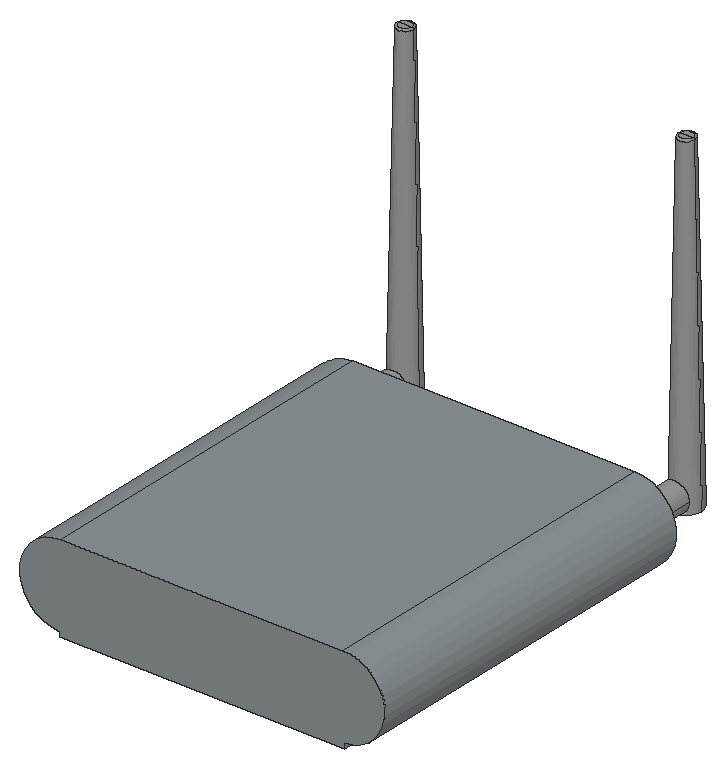
Revit family "CellularGateway", category Security Devices, host Face, Revit 2019
Family settings
  Host = Face
  Maintain Annotation Orientation = Yes
  Round Connector Dimension = Use Diameter
  Part Type = Normal
  Cut with Voids When Loaded = No
  Shared = No
  Room Calculation Point = Yes
Parameters (values of type "GC31-HW-UK")
  URL = "https://www.verkada.com/cellular-gateway"
  Type Image = GC31.png
  Model = "GC31-HW-UK"
  Manufacturer = "VERKADA"  # constant formula
  Description = "CELLULAR GATEWAY"
  Default Elevation = 1219.2 mm
  3dGeometry = CellularGateway GC31 : Standard
Types (5, lengths in mm): name | Type Image | Model | Description | 3dGeometry
  GC31-HW-AU | GC31.png | "GC31-HW-AU" | "CELLULAR GATEWAY" | CellularGateway GC31 : Standard
  GC31-E-HW | GC31-E.png | "GC31-HW-AU" | "CELLULAR GATEWAY - EXTERIOR" | CellularGateway GC31-E : Standard
  GC31-HW-UK | GC31.png | "GC31-HW-UK" | "CELLULAR GATEWAY" | CellularGateway GC31 : Standard
  GC31-HW-NA | GC31.png | "GC31-HW-NA" | "CELLULAR GATEWAY" | CellularGateway GC31 : Standard
  GC31-HW-EU | GC31.png | "GC31-HW-EU" | "CELLULAR GATEWAY" | CellularGateway GC31 : Standard
Reference planes
  plane 1 "Center (Front/Back)": y = 0
  plane 2: z = 0
  plane 3 "Center (Left/Right)": x = 0
  plane 4: z = 29.972
Dimensions and locks
  plane 4 to level = 29.972 mm
  aligned and locked: plane 2 to host face
  aligned and locked: level to host face
Nested families
  nested 1: "PlanSymbol_CellularModule" at (0, 0, 0), type "Standard"
  nested 2: "CellularGateway GC31" at (0, 0, 0), type <- "3dGeometry", type "Standard"
Connectors
  electrical at (0, 0, 0)
    settings: index 2, voltage 0 V, apparent load 0 VA, apparent load phase1 0 VA, apparent load phase2 0 VA, apparent load phase3 0 VA, power factor 1, load classification "Other", number of poles 1, system type 10, power factor state 1, is connector primary yes, connector utility no, sub classification motor no, connector description ""
Definition of nested family "CellularGateway GC31"
  Parameters (values of type "Standard")
    Width = 125.0 mm
    URL = ""
    Type Image = (empty or 0)
    Model = "GC31"
    Manufacturer = "VERKADA"  # constant formula
    Length = Width  # 125.0 mm
    Height = 29.972 mm
    Description = "CELLULAR GATEWAY"
    Default Elevation = 1219.2 mm
  Reference planes
    plane 1 "Center (Front/Back)": y = 0
    plane 2: z = 0
    plane 3 "Center (Left/Right)": x = 0
    plane 4: y = 62.5
    plane 5: y = -62.5
    plane 6: x = -62.5
    plane 7 "Top": z = 29.972
    plane 8: x = 62.5
  Forms (mm)
    Extrusion 1, solid
      sketch origin (0, 0, 0) x (1, 0, 0) y (0, 1, 0)
        loop
          line (-1219.2, 1219.2) -> (-1219.2, -1219.2) -> (1219.2, -1219.2) -> (1219.2, 1219.2) -> (-1219.2, 1219.2)
      from 0 to -304.8
    Extrusion 2, solid
      sketch origin (0, 0, 0) x (1, 0, 0) y (0, 0, 1)
        loop
          arc (-48.397, 29.975) -> (-62.599, 15.972) -> (-48.798, 1.573) r 14.204
          line (-48.798, 1.573) -> (-48.798, 0) -> (48.798, 0) -> (48.798, 1.573)
          arc (48.798, 1.573) -> (62.599, 15.972) -> (48.397, 29.975) r 14.204
          line (48.397, 29.975) -> (-48.397, 29.975)
      from -62.5 to 62.5
    Extrusion 3, solid
      sketch origin (-82.785, 37.1, 0) x (-1, 0, 0) y (0, 0, 1)
        loop
          circle (-34.388, 14.554) r 4.9
      from 25.4 to 42.75
    Revolve 4, solid
      sketch origin (-110.8, 84.924, 34.849) x (1, 0, 0) y (0, 0, 1)
        loop
          line (67.574, -25.195) -> (65.296, 88.237)
          arc (65.296, 88.237) -> (65.145, 88.592) -> (64.789, 88.743) r 0.517
          line (64.789, 88.743) -> (62.5, 88.783) -> (62.5, -25.195) -> (67.574, -25.195)
        axis (62.5, 88.783) -> (62.5, -25.195)
      angle from 0 to 360
    Extrusion 5, solid
      sketch origin (13.815, 37.1, 0) x (-1, 0, 0) y (0, 0, 1)
        loop
          circle (-34.388, 14.554) r 4.9
      from 25.4 to 42.75
    Revolve 6, solid
      sketch origin (-14.2, 84.924, 34.849) x (1, 0, 0) y (0, 0, 1)
        loop
          line (67.574, -25.195) -> (65.296, 88.237)
          arc (65.296, 88.237) -> (65.145, 88.592) -> (64.789, 88.743) r 0.517
          line (64.789, 88.743) -> (62.5, 88.783) -> (62.5, -25.195) -> (67.574, -25.195)
        axis (62.5, 88.783) -> (62.5, -25.195)
      angle from 0 to 360
  Dimensions and locks
    plane 6 to plane 3 "Center (Left/Right)" = 62.5 mm
    "Height": plane 7 "Top" to level
    equal spacing: plane 5, plane 1 "Center (Front/Back)", plane 4
    "Length": plane 5 to plane 4
    equal spacing: plane 6, plane 3 "Center (Left/Right)", plane 8
    "Width": plane 6 to plane 8
    aligned and locked: plane 2 to Extrusion 1
    aligned and locked: level to Extrusion 1
    aligned and locked: plane 5 to Extrusion 2
    aligned and locked: Extrusion 2 to plane 4
  Automatic sketch dimensions
    Extrusion 1 sketch curve to Extrusion 1 sketch curve = 2438.4 mm  (x2)
    Extrusion 2 sketch curve to level = 0.0 mm
    Extrusion 2 sketch curve to plane 7 "Top" = 0.0 mm
    level to Extrusion 2 sketch curve = 1.573 mm  (x2)
    plane 6 to Extrusion 2 sketch curve = 13.702 mm
    plane 6 to Extrusion 2 sketch curve = 14.103 mm
    Extrusion 2 sketch curve to plane 8 = 14.103 mm
    Extrusion 2 sketch curve to plane 8 = 13.702 mm
    Extrusion 2 sketch curve to Extrusion 2 sketch curve = 14.198 mm  (x2)
    Extrusion 2 sketch curve to Extrusion 2 sketch curve = 0.0 mm  (x2)
    plane 6 to Extrusion 3 sketch curve = 14.103 mm
    level to Extrusion 3 sketch curve = 14.554 mm
    plane 6 to Revolve 4 sketch curve = 14.2 mm
    Revolve 4 sketch curve to Revolve 4 sketch curve = 2.28 mm
    Revolve 4 sketch curve to Revolve 4 sketch curve = 0.009 mm
    Revolve 4 sketch curve to Revolve 4 sketch curve = 0.517 mm
    Revolve 4 sketch curve to Revolve 4 sketch curve = 5.074 mm
    level to Revolve 4 sketch curve = 9.654 mm
    Revolve 4 sketch curve to plane 7 "Top" = 93.103 mm
    Revolve 4 sketch curve to Revolve 4 sketch curve = 0.01 mm
    Revolve 4 sketch curve to Revolve 4 sketch curve = 0.04 mm
    Revolve 4 sketch curve to Revolve 4 sketch curve = 0.0 mm
    Revolve 4 sketch curve to level = 5.059 mm
    Revolve 4 sketch curve to Revolve 4 sketch curve = 8.814 mm
    Extrusion 5 sketch curve to plane 8 = 14.297 mm
    level to Extrusion 5 sketch curve = 14.554 mm
    Revolve 6 sketch curve to plane 8 = 14.2 mm
    Revolve 6 sketch curve to Revolve 6 sketch curve = 2.28 mm
    Revolve 6 sketch curve to Revolve 6 sketch curve = 0.009 mm
    Revolve 6 sketch curve to Revolve 6 sketch curve = 0.517 mm
    Revolve 6 sketch curve to Revolve 6 sketch curve = 5.074 mm
    level to Revolve 6 sketch curve = 9.654 mm
    Revolve 6 sketch curve to plane 7 "Top" = 93.103 mm
    Revolve 6 sketch curve to Revolve 6 sketch curve = 0.01 mm
    Revolve 6 sketch curve to Revolve 6 sketch curve = 0.04 mm
    Revolve 6 sketch curve to Revolve 6 sketch curve = 0.0 mm
    Revolve 6 sketch curve to level = 5.059 mm
    Revolve 6 sketch curve to Revolve 6 sketch curve = 8.814 mm
    radius of Extrusion 3 sketch curve = 4.9 mm
    radius of Extrusion 5 sketch curve = 4.9 mm
  Nested families
    nested 1: "PlanSymbol_CellularModule" at (0, 0, 0), type "Standard"
  Definition of nested family "PlanSymbol_CellularModule"
    Reference planes
      plane 1: y = 0
      plane 2: x = 0
    Lines and regions (mm)
      detail lines
        curve 1: line (0, 0, 0) -> (0, 8.359, 0)
        curve 2: line (0, 5.588, 0) -> (1.834, 8.354, 0)
        curve 3: line (0, 5.588, 0) -> (-1.834, 8.354, 0)
Definition of nested family "PlanSymbol_CellularModule"
  Reference planes
    plane 1: y = 0
    plane 2: x = 0
  Lines and regions (mm)
    detail lines
      curve 1: line (0, 0, 0) -> (0, 8.359, 0)
      curve 2: line (0, 5.588, 0) -> (1.834, 8.354, 0)
      curve 3: line (0, 5.588, 0) -> (-1.834, 8.354, 0)
